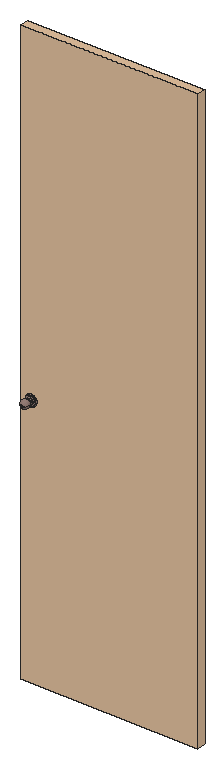
Revit family "Door-Hdwr_Knob", category Doors, host Face, Revit 2026
Family settings
  Host = Face
  Classification Number = 23.30.40.11.31
  Cut with Voids When Loaded = No
  Shared = Yes
  Room Calculation Point = No
Parameters
  stkloc = (Door Slab Thickness - 0' 1") / 2  # 0' - 0 7/16"
  Warranty Duration (Years) = 0
  Type Comments = ""
  Test Data = ""
  Specification = "http://www.arcat.com/divs/sec/sec08710.shtml"
  Sales Information = ""
  Product Properties = "http://www.arcat.com/bim/bim_info.pl?fn=Door-Hardware_Knob"
  Product Data = "http://www.arcat.com/divs/sec/sec08710.shtml"
  Model = "Generic"  # constant formula
  Manufacturer Website = "http://www.arcat.com/"
  Manufacturer Phone - Toll Free = ""
  Manufacturer Phone = "(203) 929-9444"  # constant formula
  Manufacturer Fax = "(203) 929-2444"  # constant formula
  Manufacturer Email = "bim@arcat.com"  # constant formula
  Manufacturer Address = "1077 Bridgeport Ave, Shelton, CT  06484"  # constant formula
  Manufacturer = "Generic"  # constant formula
  Maintenance Schedule (Months) = 0
  Lock Cylinder Type = "Conventional"
  Lock Cylinder Pin Count = 6
  Lock Cylinder Finish = ARCAT - Metal - Brass, Polished
  Latch Strike Type = "Curved Lip"
  Keynote = "08710"
  Installation-Fabrication = ""
  Green Building-LEED = ""
  Function = Interior
  Expected Lifespan (Years) = 0
  Drawn By = "Robert S. Weygant. CSI, CDT, SCIP"  # constant formula
  Door Slab Thickness = 0' - 1 7/8"
  Door Hardware UL Listed = yes
  Door Handle Material [instance] = ARCAT - Metal - Bronze, Oil Rubbed
  Description = "Door Knob"
  Default Elevation = 4' - 0"
  Copyright = "2008, ARCAT, Inc"  # constant formula
  Construction Details = "http://www.arcat.com/divs/sec/sec08710.shtml"
  Building Codes = ""
  Backset [instance] = 0' - 2 3/8"
  Assembly Code = "C1020410"
  ANSI Conformance = "A156.2"
Reference planes (in)
  plane 1 "Center (Front/Back)": y = 0
  plane 2: z = 0
  plane 3 "Center (Left/Right)": x = -17.80762
  plane 4: y = 1.875
  plane 5: x = -15.03297
  plane 6: x = -15.03297
  plane 7 "Strike Edge": x = -20.15186
Forms (in)
  Extrusion 1, solid, material "ARCAT - Wood - Cherry"
    sketch origin (-3, -9, -6) x (0, 0, -1) y (1, 0, 0)
      loop
        line (-82, 23.22536) -> (-82, -17.15186) -> (51.68814, -17.15186) -> (51.68814, 23.22536) -> (-82, 23.22536)
    from -9 to -10.875
  Sweep 2, solid, material "ARCAT - Metal - Bronze, Oil Rubbed" <- "Door Handle Material"
    path origin (-17.78297, 0, 0.05676) x (1, 0, 0) y (0, 0, 1)
      loop
        circle (0, 0) r 1.25
    profile origin (-17.78297, 0, 1.30676) x (0, 0, -1) y (0, -1, 0)
      loop
        line (0, 0) -> (0.90439, 0) -> (0.90439, 0.49245) -> (0.79559, 0.48537)
        arc (0.79559, 0.48537) -> (0.77696, 0.4735) -> (0.76128, 0.45792) r 0.10311
        arc (0.76128, 0.45792) -> (0.74662, 0.40528) -> (0.74766, 0.35064) r 0.18875
        arc (0.74766, 0.35064) -> (0.65861, 0.29251) -> (0.5706, 0.23283) r 6.07805
        line (0.5706, 0.23283) -> (0.12143, 0.18483)
        arc (0.12143, 0.18483) -> (0.07703, 0.17221) -> (0.03253, 0.1599) r 6.50329
        arc (0.03253, 0.1599) -> (0.014, 0.14864) -> (0, 0.13207) r 0.06733
        line (0, 0.13207) -> (0, 0)
  Extrusion 3, solid, material "ARCAT - Metal - Bronze, Oil Rubbed" <- "Door Handle Material"
    sketch origin (-17.78297, -0.48749, 0.05676) x (1, 0, 0) y (0, 0, 1)
      loop
        circle (0, 0) r 0.34561
    from -0.48749 to 0.5
  Sweep 4, solid, material "ARCAT - Metal - Bronze, Oil Rubbed" <- "Door Handle Material"
    path origin (-17.78297, 0, 0.05676) x (1, 0, 0) y (0, 0, 1)
      loop
        circle (0, 0) r 0.87681
    profile origin (-17.78297, 0, 0.93357) x (0, 0, -1) y (0, -1, 0)
      loop
        line (0.5312, 0.98749) -> (0.86119, 0.98749) -> (0.86119, 2.45194) -> (0.65115, 2.45194) -> (0.62405, 2.60562)
        arc (0.62405, 2.60562) -> (0.61016, 2.61563) -> (0.5934, 2.61917) r 0.04143
        arc (0.5934, 2.61917) -> (-0.00004, 1.82477) -> (0.5312, 0.98749) r 0.87361
  Extrusion 5, solid, material "ARCAT - Metal - Brass, Polished" <- "Lock Cylinder Finish"
    sketch origin (-4, -2.45194, -1.25282) x (1, 0, 0) y (0, 0, 1)
      loop
        circle (-13.78331, 1.30976) r 0.18691
    from 0 to 0.16724
  Extrusion 6, void
    sketch origin (-4, 9.83979, -1.25282) x (1, 0, 0) y (0, 0, 1)
      loop
        line (-13.80762, 1.45031) -> (-13.80762, 1.1726) -> (-13.77686, 1.1726) -> (-13.77686, 1.31168) -> (-13.75472, 1.35003) -> (-13.75472, 1.45031) -> (-13.80762, 1.45031)
    from 12.29173 to 12.45897
  Sweep 7, solid, material "ARCAT - Metal - Bronze, Oil Rubbed" <- "Door Handle Material", not visible
    path origin (-13.78297, -9.83979, 1.30959) x (1, 0, 0) y (0, 0, 1)
      loop
        circle (0, 0) r 1.25
    profile origin (-13.78297, -9.83979, 2.55959) x (0, 0, -1) y (0, -1, 0)
      loop
        line (0, 0) -> (0.90439, 0) -> (0.90439, 0.49245) -> (0.79559, 0.48537)
        arc (0.79559, 0.48537) -> (0.77696, 0.4735) -> (0.76128, 0.45792) r 0.10311
        arc (0.76128, 0.45792) -> (0.74662, 0.40528) -> (0.74766, 0.35064) r 0.18875
        arc (0.74766, 0.35064) -> (0.65861, 0.29251) -> (0.5706, 0.23283) r 6.07805
        line (0.5706, 0.23283) -> (0.12143, 0.18483)
        arc (0.12143, 0.18483) -> (0.07703, 0.17221) -> (0.03253, 0.1599) r 6.50329
        arc (0.03253, 0.1599) -> (0.014, 0.14864) -> (0, 0.13207) r 0.06733
        line (0, 0.13207) -> (0, 0)
  Extrusion 8, solid, material "ARCAT - Metal - Bronze, Oil Rubbed" <- "Door Handle Material", not visible
    sketch origin (-13.78297, -10.32728, 1.30959) x (1, 0, 0) y (0, 0, 1)
      loop
        circle (0, 0) r 0.34561
    from -0.48749 to 0.5
  Sweep 9, solid, material "ARCAT - Metal - Bronze, Oil Rubbed" <- "Door Handle Material", not visible
    path origin (-13.78297, -9.83979, 1.30959) x (1, 0, 0) y (0, 0, 1)
      loop
        circle (0, 0) r 0.87681
    profile origin (-13.78297, -9.83979, 2.1864) x (0, 0, -1) y (0, -1, 0)
      loop
        line (0.5312, 0.98749) -> (0.86119, 0.98749) -> (0.86119, 2.45194) -> (0.65115, 2.45194) -> (0.62405, 2.60562)
        arc (0.62405, 2.60562) -> (0.61016, 2.61563) -> (0.5934, 2.61917) r 0.04143
        arc (0.5934, 2.61917) -> (-0.00004, 1.82477) -> (0.5312, 0.98749) r 0.87361
  Extrusion 10, solid, material "ARCAT - Metal - Brass, Polished" <- "Lock Cylinder Finish", not visible
    sketch origin (0, -12.29173, 0) x (1, 0, 0) y (0, 0, 1)
      loop
        circle (-13.78331, 1.30976) r 0.18691
    from 0 to 0.16724
  Extrusion 11, void, not visible
    sketch origin (0, 0, 0) x (1, 0, 0) y (0, 0, 1)
      loop
        line (-13.80762, 1.45031) -> (-13.80762, 1.1726) -> (-13.77686, 1.1726) -> (-13.77686, 1.31168) -> (-13.75472, 1.35003) -> (-13.75472, 1.45031) -> (-13.80762, 1.45031)
    from 12.29173 to 12.45897
  Sweep 12, solid, material "ARCAT - Metal - Bronze, Oil Rubbed" <- "Door Handle Material", not visible
    path origin (-13.78297, 0, 1.30959) x (1, 0, 0) y (0, 0, 1)
      loop
        circle (0, 0) r 1.25
    profile origin (-13.78297, 0, 2.55959) x (0, 0, -1) y (0, -1, 0)
      loop
        line (0, 0) -> (0.90439, 0) -> (0.90439, 0.49245) -> (0.79559, 0.48537)
        arc (0.79559, 0.48537) -> (0.77696, 0.4735) -> (0.76128, 0.45792) r 0.10311
        arc (0.76128, 0.45792) -> (0.74662, 0.40528) -> (0.74766, 0.35064) r 0.18875
        arc (0.74766, 0.35064) -> (0.65861, 0.29251) -> (0.5706, 0.23283) r 6.07805
        line (0.5706, 0.23283) -> (0.12143, 0.18483)
        arc (0.12143, 0.18483) -> (0.07703, 0.17221) -> (0.03253, 0.1599) r 6.50329
        arc (0.03253, 0.1599) -> (0.014, 0.14864) -> (0, 0.13207) r 0.06733
        line (0, 0.13207) -> (0, 0)
  Extrusion 13, solid, material "ARCAT - Metal - Bronze, Oil Rubbed" <- "Door Handle Material", not visible
    sketch origin (-13.78297, -0.48749, 1.30959) x (1, 0, 0) y (0, 0, 1)
      loop
        circle (0, 0) r 0.34561
    from -0.48749 to 0.5
  Sweep 14, solid, material "ARCAT - Metal - Bronze, Oil Rubbed" <- "Door Handle Material", not visible
    path origin (-13.78297, 0, 1.30959) x (1, 0, 0) y (0, 0, 1)
      loop
        circle (0, 0) r 0.87681
    profile origin (-13.78297, 0, 2.1864) x (0, 0, -1) y (0, -1, 0)
      loop
        line (0.5312, 0.98749) -> (0.86119, 0.98749) -> (0.86119, 2.45194) -> (0.65115, 2.45194) -> (0.62405, 2.60562)
        arc (0.62405, 2.60562) -> (0.61016, 2.61563) -> (0.5934, 2.61917) r 0.04143
        arc (0.5934, 2.61917) -> (-0.00004, 1.82477) -> (0.5312, 0.98749) r 0.87361
  Extrusion 15, solid, material "ARCAT - Metal - Brass, Polished" <- "Lock Cylinder Finish", not visible
    sketch origin (0, -2.45194, 0) x (1, 0, 0) y (0, 0, 1)
      loop
        circle (-13.78331, 1.30976) r 0.18691
    from 0 to 0.16724
  Extrusion 16, void, not visible
    sketch origin (0, 9.83979, 0) x (1, 0, 0) y (0, 0, 1)
      loop
        line (-13.80762, 1.45031) -> (-13.80762, 1.1726) -> (-13.77686, 1.1726) -> (-13.77686, 1.31168) -> (-13.75472, 1.35003) -> (-13.75472, 1.45031) -> (-13.80762, 1.45031)
    from 12.29173 to 12.45897
  Extrusion 17, void, not visible
    sketch origin (0, -3.83979, 0) x (1, 0, 0) y (0, 0, -1)
      loop
        line (-13.80762, -1.45031) -> (-13.75472, -1.45031) -> (-13.75472, -1.35003) -> (-13.77686, -1.31168) -> (-13.77686, -1.1726) -> (-13.80762, -1.1726) -> (-13.80762, -1.45031)
    from 12.29173 to 12.44541
  Sweep 18, solid, material "ARCAT - Metal - Bronze, Oil Rubbed" <- "Door Handle Material", not visible
    path origin (-13.78297, 6, 1.30959) x (1, 0, 0) y (0, 0, -1)
      loop
        circle (0, 0) r 1.25
    profile origin (-13.78297, 6, 2.55959) x (0, 0, 1) y (0, 1, 0)
      loop
        line (0, 0) -> (0, 0.13207)
        arc (0, 0.13207) -> (-0.014, 0.14864) -> (-0.03253, 0.1599) r 0.06733
        arc (-0.03253, 0.1599) -> (-0.07703, 0.17221) -> (-0.12143, 0.18483) r 6.50329
        line (-0.12143, 0.18483) -> (-0.5706, 0.23283)
        arc (-0.5706, 0.23283) -> (-0.65861, 0.29251) -> (-0.74766, 0.35064) r 6.07805
        arc (-0.74766, 0.35064) -> (-0.74662, 0.40528) -> (-0.76128, 0.45792) r 0.18875
        arc (-0.76128, 0.45792) -> (-0.77696, 0.4735) -> (-0.79559, 0.48537) r 0.10311
        line (-0.79559, 0.48537) -> (-0.90439, 0.49245) -> (-0.90439, 0) -> (0, 0)
  Extrusion 19, solid, material "ARCAT - Metal - Bronze, Oil Rubbed" <- "Door Handle Material", not visible
    sketch origin (-13.78297, 6.48749, 1.30959) x (1, 0, 0) y (0, 0, -1)
      loop
        circle (0, 0) r 0.34561
    from -0.48749 to 0.5
  Sweep 20, solid, material "ARCAT - Metal - Bronze, Oil Rubbed" <- "Door Handle Material", not visible
    path origin (-13.78297, 6, 1.30959) x (1, 0, 0) y (0, 0, -1)
      loop
        circle (0, 0) r 0.87681
    profile origin (-13.78297, 6, 2.1864) x (0, 0, 1) y (0, 1, 0)
      loop
        arc (-0.5312, 0.98749) -> (0.00004, 1.82477) -> (-0.5934, 2.61917) r 0.87361
        arc (-0.5934, 2.61917) -> (-0.61016, 2.61563) -> (-0.62405, 2.60562) r 0.04143
        line (-0.62405, 2.60562) -> (-0.65115, 2.45194) -> (-0.86119, 2.45194) -> (-0.86119, 0.98749) -> (-0.5312, 0.98749)
  Extrusion 21, solid, material "ARCAT - Metal - Brass, Polished" <- "Lock Cylinder Finish", not visible
    sketch origin (0, 8.45194, 0) x (1, 0, 0) y (0, 0, -1)
      loop
        circle (-13.78331, -1.30976) r 0.18691
    from 0 to 0.15368
  Sweep 22, solid, material "ARCAT - Metal - Bronze, Oil Rubbed" <- "Door Handle Material", not visible
    path origin (-13.78297, -3, 1.30959) x (1, 0, 0) y (0, 0, 1)
      loop
        circle (0, 0) r 1.25
    profile origin (-13.78297, -3, 2.55959) x (0, 0, -1) y (0, -1, 0)
      loop
        line (0, 0) -> (0.90439, 0) -> (0.90439, 0.49245) -> (0.79559, 0.48537)
        arc (0.79559, 0.48537) -> (0.77696, 0.4735) -> (0.76128, 0.45792) r 0.10311
        arc (0.76128, 0.45792) -> (0.74662, 0.40528) -> (0.74766, 0.35064) r 0.18875
        arc (0.74766, 0.35064) -> (0.65861, 0.29251) -> (0.5706, 0.23283) r 6.07805
        line (0.5706, 0.23283) -> (0.12143, 0.18483)
        arc (0.12143, 0.18483) -> (0.07703, 0.17221) -> (0.03253, 0.1599) r 6.50329
        arc (0.03253, 0.1599) -> (0.014, 0.14864) -> (0, 0.13207) r 0.06733
        line (0, 0.13207) -> (0, 0)
  Extrusion 23, solid, material "ARCAT - Metal - Bronze, Oil Rubbed" <- "Door Handle Material", not visible
    sketch origin (-13.78297, -3.48749, 1.30959) x (1, 0, 0) y (0, 0, 1)
      loop
        circle (0, 0) r 0.34561
    from -0.48749 to 0.5
  Sweep 24, solid, material "ARCAT - Metal - Bronze, Oil Rubbed" <- "Door Handle Material", not visible
    path origin (-13.78297, -3, 1.30959) x (1, 0, 0) y (0, 0, 1)
      loop
        circle (0, 0) r 0.87681
    profile origin (-13.78297, -3, 2.1864) x (0, 0, -1) y (0, -1, 0)
      loop
        line (0.5312, 0.98749) -> (0.86119, 0.98749) -> (0.86119, 2.45194) -> (0.65115, 2.45194) -> (0.62405, 2.60562)
        arc (0.62405, 2.60562) -> (0.61016, 2.61563) -> (0.5934, 2.61917) r 0.04143
        arc (0.5934, 2.61917) -> (-0.00004, 1.82477) -> (0.5312, 0.98749) r 0.87361
  Extrusion 25, solid, material "ARCAT - Metal - Brass, Polished" <- "Lock Cylinder Finish", not visible
    sketch origin (0, -5.45194, 0) x (1, 0, 0) y (0, 0, 1)
      loop
        circle (-13.78331, 1.30976) r 0.18691
    from 0 to 0.16724
  Extrusion 26, void, not visible
    sketch origin (0, 6.83979, 0) x (1, 0, 0) y (0, 0, 1)
      loop
        line (-13.80762, 1.45031) -> (-13.80762, 1.1726) -> (-13.77686, 1.1726) -> (-13.77686, 1.31168) -> (-13.75472, 1.35003) -> (-13.75472, 1.45031) -> (-13.80762, 1.45031)
    from 12.29173 to 12.45897
  Extrusion 27, void, not visible
    sketch origin (0, -6.83979, 0) x (1, 0, 0) y (0, 0, -1)
      loop
        line (-13.80762, -1.45031) -> (-13.75472, -1.45031) -> (-13.75472, -1.35003) -> (-13.77686, -1.31168) -> (-13.77686, -1.1726) -> (-13.80762, -1.1726) -> (-13.80762, -1.45031)
    from 12.29173 to 12.44541
  Sweep 28, solid, material "ARCAT - Metal - Bronze, Oil Rubbed" <- "Door Handle Material"
    path origin (-17.78297, 1.875, 0.05676) x (1, 0, 0) y (0, 0, -1)
      loop
        circle (0, 0) r 1.25
    profile origin (-17.78297, 1.875, -1.19324) x (0, 0, 1) y (0, 1, 0)
      loop
        line (0, 0) -> (0.90439, 0) -> (0.90439, 0.49245) -> (0.79559, 0.48537)
        arc (0.79559, 0.48537) -> (0.77696, 0.4735) -> (0.76128, 0.45792) r 0.10311
        arc (0.76128, 0.45792) -> (0.74662, 0.40528) -> (0.74766, 0.35064) r 0.18875
        arc (0.74766, 0.35064) -> (0.65861, 0.29251) -> (0.5706, 0.23283) r 6.07805
        line (0.5706, 0.23283) -> (0.12143, 0.18483)
        arc (0.12143, 0.18483) -> (0.07703, 0.17221) -> (0.03253, 0.1599) r 6.50329
        arc (0.03253, 0.1599) -> (0.014, 0.14864) -> (0, 0.13207) r 0.06733
        line (0, 0.13207) -> (0, 0)
  Extrusion 29, solid, material "ARCAT - Metal - Bronze, Oil Rubbed" <- "Door Handle Material"
    sketch origin (-17.78297, 2.36249, 0.05676) x (1, 0, 0) y (0, 0, -1)
      loop
        circle (0, 0) r 0.34561
    from -0.48749 to 0.5
  Sweep 30, solid, material "ARCAT - Metal - Bronze, Oil Rubbed" <- "Door Handle Material"
    path origin (-17.78297, 1.875, 0.05676) x (1, 0, 0) y (0, 0, -1)
      loop
        circle (0, 0) r 0.87681
    profile origin (-17.78297, 1.875, -0.82005) x (0, 0, 1) y (0, 1, 0)
      loop
        line (0.5312, 0.98749) -> (0.86119, 0.98749) -> (0.86119, 2.45194) -> (0.65115, 2.45194) -> (0.62405, 2.60562)
        arc (0.62405, 2.60562) -> (0.61016, 2.61563) -> (0.5934, 2.61917) r 0.04143
        arc (0.5934, 2.61917) -> (-0.00004, 1.82477) -> (0.5312, 0.98749) r 0.87361
  Extrusion 31, solid, material "ARCAT - Metal - Bronze, Oil Rubbed" <- "Door Handle Material"
    sketch origin (-4, 4.32694, 1.36635) x (1, 0, 0) y (0, 0, -1)
      loop
        circle (-13.78331, 1.30976) r 0.18691
    from 0 to 0.16724
  Sweep 32, solid, material "ARCAT - Metal - Bronze, Oil Rubbed" <- "Door Handle Material", not visible
    path origin (-13.78297, 0, 0) x (1, 0, 0) y (0, 0, 1)
      loop
        circle (0, 0) r 1.25
    profile origin (-13.78297, 0, 1.25) x (0, 0, -1) y (0, -1, 0)
      loop
        line (0, 0) -> (0.90439, 0) -> (0.90439, 0.49245) -> (0.79559, 0.48537)
        arc (0.79559, 0.48537) -> (0.77696, 0.4735) -> (0.76128, 0.45792) r 0.10311
        arc (0.76128, 0.45792) -> (0.74662, 0.40528) -> (0.74766, 0.35064) r 0.18875
        arc (0.74766, 0.35064) -> (0.65861, 0.29251) -> (0.5706, 0.23283) r 6.07805
        line (0.5706, 0.23283) -> (0.12143, 0.18483)
        arc (0.12143, 0.18483) -> (0.07703, 0.17221) -> (0.03253, 0.1599) r 6.50329
        arc (0.03253, 0.1599) -> (0.014, 0.14864) -> (0, 0.13207) r 0.06733
        line (0, 0.13207) -> (0, 0)
  Extrusion 33, solid, material "ARCAT - Metal - Bronze, Oil Rubbed" <- "Door Handle Material", not visible
    sketch origin (-13.78297, -0.48749, 0) x (1, 0, 0) y (0, 0, 1)
      loop
        circle (0, 0) r 0.34561
    from -0.48749 to 0.5
  Sweep 34, solid, material "ARCAT - Metal - Bronze, Oil Rubbed" <- "Door Handle Material", not visible
    path origin (-13.78297, 0, 0) x (1, 0, 0) y (0, 0, 1)
      loop
        circle (0, 0) r 0.87681
    profile origin (-13.78297, 0, 0.87681) x (0, 0, -1) y (0, -1, 0)
      loop
        line (0.5312, 0.98749) -> (0.86119, 0.98749) -> (0.86119, 2.45194) -> (0.65115, 2.45194) -> (0.62405, 2.60562)
        arc (0.62405, 2.60562) -> (0.61016, 2.61563) -> (0.5934, 2.61917) r 0.04143
        arc (0.5934, 2.61917) -> (-0.00004, 1.82477) -> (0.5312, 0.98749) r 0.87361
  Extrusion 35, solid, material "ARCAT - Metal - Brass, Polished" <- "Lock Cylinder Finish", not visible
    sketch origin (0, -2.45194, -1.30959) x (1, 0, 0) y (0, 0, 1)
      loop
        circle (-13.78331, 1.30976) r 0.18691
    from 0 to 0.16724
  Extrusion 36, void, not visible
    sketch origin (0, 9.83979, -1.30959) x (1, 0, 0) y (0, 0, 1)
      loop
        line (-13.80762, 1.45031) -> (-13.80762, 1.1726) -> (-13.77686, 1.1726) -> (-13.77686, 1.31168) -> (-13.75472, 1.35003) -> (-13.75472, 1.45031) -> (-13.80762, 1.45031)
    from 12.29173 to 12.45897
  Sweep 37, solid, material "ARCAT - Metal - Bronze, Oil Rubbed" <- "Door Handle Material", not visible
    path origin (-13.78297, 17.50927, 9.96195) x (1, 0, 0) y (0, 0, -1)
      loop
        circle (0, 0) r 1.25
    profile origin (-13.78297, 17.50927, 8.71195) x (0, 0, 1) y (0, 1, 0)
      loop
        line (0, 0) -> (0.90439, 0) -> (0.90439, 0.49245) -> (0.79559, 0.48537)
        arc (0.79559, 0.48537) -> (0.77696, 0.4735) -> (0.76128, 0.45792) r 0.10311
        arc (0.76128, 0.45792) -> (0.74662, 0.40528) -> (0.74766, 0.35064) r 0.18875
        arc (0.74766, 0.35064) -> (0.65861, 0.29251) -> (0.5706, 0.23283) r 6.07805
        line (0.5706, 0.23283) -> (0.12143, 0.18483)
        arc (0.12143, 0.18483) -> (0.07703, 0.17221) -> (0.03253, 0.1599) r 6.50329
        arc (0.03253, 0.1599) -> (0.014, 0.14864) -> (0, 0.13207) r 0.06733
        line (0, 0.13207) -> (0, 0)
  Extrusion 38, solid, material "ARCAT - Metal - Bronze, Oil Rubbed" <- "Door Handle Material", not visible
    sketch origin (-13.78297, 17.99676, 9.96195) x (1, 0, 0) y (0, 0, -1)
      loop
        circle (0, 0) r 0.34561
    from -0.48749 to 0.5
  Sweep 39, solid, material "ARCAT - Metal - Bronze, Oil Rubbed" <- "Door Handle Material", not visible
    path origin (-13.78297, 17.50927, 9.96195) x (1, 0, 0) y (0, 0, -1)
      loop
        circle (0, 0) r 0.87681
    profile origin (-13.78297, 17.50927, 9.08514) x (0, 0, 1) y (0, 1, 0)
      loop
        line (0.5312, 0.98749) -> (0.86119, 0.98749) -> (0.86119, 2.45194) -> (0.65115, 2.45194) -> (0.62405, 2.60562)
        arc (0.62405, 2.60562) -> (0.61016, 2.61563) -> (0.5934, 2.61917) r 0.04143
        arc (0.5934, 2.61917) -> (-0.00004, 1.82477) -> (0.5312, 0.98749) r 0.87361
  Extrusion 40, solid, material "ARCAT - Metal - Bronze, Oil Rubbed" <- "Door Handle Material", not visible
    sketch origin (0, 19.96121, 11.27153) x (1, 0, 0) y (0, 0, -1)
      loop
        circle (-13.78331, 1.30976) r 0.18691
    from 0 to 0.16724
  Sweep 41, solid, material "ARCAT - Metal - Bronze, Oil Rubbed" <- "Door Handle Material", not visible
    path origin (-13.78297, 0, 0.05676) x (1, 0, 0) y (0, 0, 1)
      loop
        circle (0, 0) r 1.25
    profile origin (-13.78297, 0, 1.30676) x (0, 0, -1) y (0, -1, 0)
      loop
        line (0, 0) -> (0.90439, 0) -> (0.90439, 0.49245) -> (0.79559, 0.48537)
        arc (0.79559, 0.48537) -> (0.77696, 0.4735) -> (0.76128, 0.45792) r 0.10311
        arc (0.76128, 0.45792) -> (0.74662, 0.40528) -> (0.74766, 0.35064) r 0.18875
        arc (0.74766, 0.35064) -> (0.65861, 0.29251) -> (0.5706, 0.23283) r 6.07805
        line (0.5706, 0.23283) -> (0.12143, 0.18483)
        arc (0.12143, 0.18483) -> (0.07703, 0.17221) -> (0.03253, 0.1599) r 6.50329
        arc (0.03253, 0.1599) -> (0.014, 0.14864) -> (0, 0.13207) r 0.06733
        line (0, 0.13207) -> (0, 0)
  Extrusion 42, solid, material "ARCAT - Metal - Bronze, Oil Rubbed" <- "Door Handle Material", not visible
    sketch origin (-13.78297, -0.48749, 0.05676) x (1, 0, 0) y (0, 0, 1)
      loop
        circle (0, 0) r 0.34561
    from -0.48749 to 0.5
  Sweep 43, solid, material "ARCAT - Metal - Bronze, Oil Rubbed" <- "Door Handle Material", not visible
    path origin (-13.78297, 0, 0.05676) x (1, 0, 0) y (0, 0, 1)
      loop
        circle (0, 0) r 0.87681
    profile origin (-13.78297, 0, 0.93357) x (0, 0, -1) y (0, -1, 0)
      loop
        line (0.5312, 0.98749) -> (0.86119, 0.98749) -> (0.86119, 2.45194) -> (0.65115, 2.45194) -> (0.62405, 2.60562)
        arc (0.62405, 2.60562) -> (0.61016, 2.61563) -> (0.5934, 2.61917) r 0.04143
        arc (0.5934, 2.61917) -> (-0.00004, 1.82477) -> (0.5312, 0.98749) r 0.87361
  Extrusion 44, solid, material "ARCAT - Metal - Brass, Polished" <- "Lock Cylinder Finish", not visible
    sketch origin (0, -2.45194, -1.25282) x (1, 0, 0) y (0, 0, 1)
      loop
        circle (-13.78331, 1.30976) r 0.18691
    from 0 to 0.16724
  Extrusion 45, void, not visible
    sketch origin (0, 9.83979, -1.25282) x (1, 0, 0) y (0, 0, 1)
      loop
        line (-13.80762, 1.45031) -> (-13.80762, 1.1726) -> (-13.77686, 1.1726) -> (-13.77686, 1.31168) -> (-13.75472, 1.35003) -> (-13.75472, 1.45031) -> (-13.80762, 1.45031)
    from 12.29173 to 12.45897
  Sweep 46, solid, material "ARCAT - Metal - Bronze, Oil Rubbed" <- "Door Handle Material", not visible
    path origin (-13.78297, 3, 0) x (1, 0, 0) y (0, 0, -1)
      loop
        circle (0, 0) r 1.25
    profile origin (-13.78297, 3, -1.25) x (0, 0, 1) y (0, 1, 0)
      loop
        line (0, 0) -> (0.90439, 0) -> (0.90439, 0.49245) -> (0.79559, 0.48537)
        arc (0.79559, 0.48537) -> (0.77696, 0.4735) -> (0.76128, 0.45792) r 0.10311
        arc (0.76128, 0.45792) -> (0.74662, 0.40528) -> (0.74766, 0.35064) r 0.18875
        arc (0.74766, 0.35064) -> (0.65861, 0.29251) -> (0.5706, 0.23283) r 6.07805
        line (0.5706, 0.23283) -> (0.12143, 0.18483)
        arc (0.12143, 0.18483) -> (0.07703, 0.17221) -> (0.03253, 0.1599) r 6.50329
        arc (0.03253, 0.1599) -> (0.014, 0.14864) -> (0, 0.13207) r 0.06733
        line (0, 0.13207) -> (0, 0)
  Extrusion 47, solid, material "ARCAT - Metal - Bronze, Oil Rubbed" <- "Door Handle Material", not visible
    sketch origin (-13.78297, 3.48749, 0) x (1, 0, 0) y (0, 0, -1)
      loop
        circle (0, 0) r 0.34561
    from -0.48749 to 0.5
  Sweep 48, solid, material "ARCAT - Metal - Bronze, Oil Rubbed" <- "Door Handle Material", not visible
    path origin (-13.78297, 3, 0) x (1, 0, 0) y (0, 0, -1)
      loop
        circle (0, 0) r 0.87681
    profile origin (-13.78297, 3, -0.87681) x (0, 0, 1) y (0, 1, 0)
      loop
        line (0.5312, 0.98749) -> (0.86119, 0.98749) -> (0.86119, 2.45194) -> (0.65115, 2.45194) -> (0.62405, 2.60562)
        arc (0.62405, 2.60562) -> (0.61016, 2.61563) -> (0.5934, 2.61917) r 0.04143
        arc (0.5934, 2.61917) -> (-0.00004, 1.82477) -> (0.5312, 0.98749) r 0.87361
  Extrusion 49, solid, material "ARCAT - Metal - Bronze, Oil Rubbed" <- "Door Handle Material", not visible
    sketch origin (0, 5.45194, 1.30959) x (1, 0, 0) y (0, 0, -1)
      loop
        circle (-13.78331, 1.30976) r 0.18691
    from 0 to 0.16724
  Extrusion 50, solid, material "ARCAT - Metal - Brass, Polished"
    sketch origin (0, 0.25322, -0.375) x (1, 0, 0) y (0, 1, 0)
      loop
        line (-19.4665, 0.46397) -> (-19.4665, 0.90458) -> (-20.58974, 0.90458)
        arc (-20.58974, 0.90458) -> (-20.6645, 0.69062) -> (-20.66516, 0.46397) r 0.6832
        line (-20.66516, 0.46397) -> (-19.4665, 0.46397)
    from 0 to 0.75
  Extrusion 51, solid, material "ARCAT - Metal - Bronze, Oil Rubbed" <- "Door Handle Material"
    sketch origin (-20.21436, 0.25322, 0) x (0, 1, 0) y (0, 0, 1)
      loop
        line (1.18428, 1) -> (0.18428, 1) -> (0.18428, -1) -> (1.18428, -1) -> (1.18428, 1)
    from 0 to 0.0625
  Extrusion 52, solid, material "ARCAT - Metal - Brass, Polished", not visible
    sketch origin (0, 0, -0.375) x (1, 0, 0) y (0, 1, 0)
      loop
        line (-19.4665, 0.46397) -> (-19.4665, 0.90458) -> (-20.58974, 0.90458)
        arc (-20.58974, 0.90458) -> (-20.6645, 0.69062) -> (-20.66516, 0.46397) r 0.6832
        line (-20.66516, 0.46397) -> (-19.4665, 0.46397)
    from 0 to 0.75
  Extrusion 53, solid, material "ARCAT - Metal - Bronze, Oil Rubbed" <- "Door Handle Material", not visible
    sketch origin (-20.21436, 0, 0) x (0, 1, 0) y (0, 0, 1)
      loop
        line (1.18428, 1) -> (0.18428, 1) -> (0.18428, -1) -> (1.18428, -1) -> (1.18428, 1)
    from 0 to 0.0625
Cuts and joins
  Extrusion 6 cuts Extrusion 5
Dimensions and locks (in)
  "Door Slab Thickness": plane 4 to plane 1 "Center (Front/Back)"
  "Backset": plane 7 "Strike Edge" to cut or joined group of Extrusion 5, Extrusion 6
  locked: Extrusion 50 to plane 7 "Strike Edge" at 0.5133
  locked: Extrusion 51 sketch curve to Extrusion 51 sketch curve at 1
  locked: Extrusion 53 sketch curve to Extrusion 53 sketch curve at 1
  "stkloc": Extrusion 51 to plane 1 "Center (Front/Back)"
  aligned and locked: Extrusion 1 to plane 1 "Center (Front/Back)"
  aligned and locked: Extrusion 5 to Sweep 4  (x2)
  aligned and locked: Extrusion 3 to Sweep 2
  aligned and locked: Extrusion 5 to Extrusion 6
  aligned and locked: Extrusion 6 to Sweep 4
  aligned and locked: Sweep 30 to Extrusion 31  (x2)
  aligned and locked: Sweep 28 to Extrusion 29
  aligned and locked: plane 4 to Sweep 28
  aligned and locked: plane 1 "Center (Front/Back)" to Sweep 2
  aligned: plane 4 to Extrusion 1
Automatic sketch dimensions
  Sweep 7 sketch curve to profile plane = 0' - 0"  (x2)
  profile plane to Sweep 7 sketch curve = 0' - 1.67907"
  Sweep 7 sketch curve to profile plane = 0' - 0.03253"
  Sweep 7 sketch curve to profile plane = 0' - 0.05777"
  Sweep 7 sketch curve to Sweep 7 sketch curve = 0' - 0.0889"
  Sweep 7 sketch curve to Sweep 7 sketch curve = 0' - 0.44917"
  Sweep 7 sketch curve to Sweep 7 sketch curve = 0' - 0.17706"
  Sweep 7 sketch curve to Sweep 7 sketch curve = 0' - 0.01362"
  profile plane to Sweep 7 sketch curve = 0' - 0.48537"
  Sweep 7 sketch curve to Sweep 7 sketch curve = 0' - 0.03431"
  Sweep 7 sketch curve to Sweep 7 sketch curve = 0' - 0.09371"
  Sweep 7 sketch curve to Sweep 7 sketch curve = 0' - 0.15673"
  Sweep 7 sketch curve to Sweep 7 sketch curve = 0' - 0.0925"
  Sweep 7 sketch curve to profile plane = 0' - 4.02559"
  Sweep 7 sketch curve to profile plane = 0' - 4.76774"
  profile plane to Sweep 7 sketch curve = 0' - 0.09748"
  Sweep 7 sketch curve to Sweep 7 sketch curve = 0' - 0.0346"
  Sweep 7 sketch curve to Sweep 7 sketch curve = 0' - 0.02493"
  profile plane to Sweep 7 sketch curve = 0' - 0.23283"
  Sweep 7 sketch curve to Sweep 7 sketch curve = 0' - 0.10386"
  Sweep 7 sketch curve to Sweep 7 sketch curve = 0' - 0.00707"
  Sweep 9 sketch curve to profile plane = 0' - 0.5312"
  Sweep 9 sketch curve to profile plane = 0' - 0.5934"
  Sweep 9 sketch curve to Sweep 9 sketch curve = 0' - 0.03065"
  Sweep 9 sketch curve to Sweep 9 sketch curve = 0' - 0.05775"
  Sweep 9 sketch curve to Sweep 9 sketch curve = 0' - 0.32998"
  Sweep 9 sketch curve to Sweep 9 sketch curve = 0' - 0.01175"
  profile plane to Sweep 9 sketch curve = 0' - 0.98749"
  Sweep 9 sketch curve to Sweep 9 sketch curve = 0' - 0.804"
  Sweep 9 sketch curve to Sweep 9 sketch curve = 0' - 0.16724"
  Sweep 9 sketch curve to Sweep 9 sketch curve = 0' - 0.04143"
  Extrusion 11 sketch curve to Extrusion 11 sketch curve = 0' - 0.03076"
  Extrusion 11 sketch curve to Extrusion 11 sketch curve = 0' - 0.0529"
  Extrusion 11 sketch curve to Extrusion 11 sketch curve = 0' - 0.13908"
  Extrusion 11 sketch curve to Extrusion 11 sketch curve = 0' - 0.03834"
  Extrusion 11 sketch curve to Extrusion 11 sketch curve = 0' - 0.10028"
  Sweep 12 sketch curve to profile plane = 0' - 0"  (x2)
  profile plane to Sweep 12 sketch curve = 0' - 1.67907"
  Sweep 12 sketch curve to profile plane = 0' - 0.03253"
  Sweep 12 sketch curve to profile plane = 0' - 0.05777"
  Sweep 12 sketch curve to Sweep 12 sketch curve = 0' - 0.0889"
  Sweep 12 sketch curve to Sweep 12 sketch curve = 0' - 0.44917"
  Sweep 12 sketch curve to Sweep 12 sketch curve = 0' - 0.17706"
  Sweep 12 sketch curve to Sweep 12 sketch curve = 0' - 0.01362"
  profile plane to Sweep 12 sketch curve = 0' - 0.48537"
  Sweep 12 sketch curve to Sweep 12 sketch curve = 0' - 0.03431"
  Sweep 12 sketch curve to Sweep 12 sketch curve = 0' - 0.09371"
  Sweep 12 sketch curve to Sweep 12 sketch curve = 0' - 0.15673"
  Sweep 12 sketch curve to Sweep 12 sketch curve = 0' - 0.0925"
  Sweep 12 sketch curve to profile plane = 0' - 4.02559"
  Sweep 12 sketch curve to profile plane = 0' - 4.76774"
  profile plane to Sweep 12 sketch curve = 0' - 0.09748"
  Sweep 12 sketch curve to Sweep 12 sketch curve = 0' - 0.0346"
  Sweep 12 sketch curve to Sweep 12 sketch curve = 0' - 0.02493"
  profile plane to Sweep 12 sketch curve = 0' - 0.23283"
  Sweep 12 sketch curve to Sweep 12 sketch curve = 0' - 0.10386"
  Sweep 12 sketch curve to Sweep 12 sketch curve = 0' - 0.00707"
  Sweep 14 sketch curve to profile plane = 0' - 0.5312"
  Sweep 14 sketch curve to profile plane = 0' - 0.5934"
  Sweep 14 sketch curve to Sweep 14 sketch curve = 0' - 0.03065"
  Sweep 14 sketch curve to Sweep 14 sketch curve = 0' - 0.05775"
  Sweep 14 sketch curve to Sweep 14 sketch curve = 0' - 0.32998"
  Sweep 14 sketch curve to Sweep 14 sketch curve = 0' - 0.01175"
  profile plane to Sweep 14 sketch curve = 0' - 0.98749"
  Sweep 14 sketch curve to Sweep 14 sketch curve = 0' - 0.804"
  Sweep 14 sketch curve to Sweep 14 sketch curve = 0' - 0.16724"
  Sweep 14 sketch curve to Sweep 14 sketch curve = 0' - 0.04143"
  Extrusion 16 sketch curve to Extrusion 16 sketch curve = 0' - 0.03076"
  Extrusion 16 sketch curve to Extrusion 16 sketch curve = 0' - 0.0529"
  Extrusion 16 sketch curve to Extrusion 16 sketch curve = 0' - 0.13908"
  Extrusion 16 sketch curve to Extrusion 16 sketch curve = 0' - 0.03834"
  Extrusion 16 sketch curve to Extrusion 16 sketch curve = 0' - 0.10028"
  Extrusion 17 sketch curve to Extrusion 17 sketch curve = 0' - 0.03076"
  Extrusion 17 sketch curve to Extrusion 17 sketch curve = 0' - 0.0529"
  Extrusion 17 sketch curve to Extrusion 17 sketch curve = 0' - 0.10028"
  Extrusion 17 sketch curve to Extrusion 17 sketch curve = 0' - 0.03834"
  Extrusion 17 sketch curve to Extrusion 17 sketch curve = 0' - 0.13908"
  Sweep 18 sketch curve to profile plane = 0' - 0"  (x2)
  profile plane to Sweep 18 sketch curve = 0' - 0.03253"
  profile plane to Sweep 18 sketch curve = 0' - 0.05777"
  Sweep 18 sketch curve to Sweep 18 sketch curve = 0' - 0.0889"
  Sweep 18 sketch curve to Sweep 18 sketch curve = 0' - 0.44917"
  Sweep 18 sketch curve to Sweep 18 sketch curve = 0' - 0.17706"
  Sweep 18 sketch curve to Sweep 18 sketch curve = 0' - 0.01362"
  Sweep 18 sketch curve to Sweep 18 sketch curve = 0' - 0.03431"
  Sweep 18 sketch curve to Sweep 18 sketch curve = 0' - 0.09371"
  Sweep 18 sketch curve to Sweep 18 sketch curve = 0' - 0.1088"
  Sweep 18 sketch curve to Sweep 18 sketch curve = 0' - 0.0925"
  profile plane to Sweep 18 sketch curve = 0' - 4.02559"
  Sweep 18 sketch curve to profile plane = 0' - 1.67907"
  Sweep 18 sketch curve to profile plane = 0' - 4.76774"
  profile plane to Sweep 18 sketch curve = 0' - 0.09748"
  Sweep 18 sketch curve to Sweep 18 sketch curve = 0' - 0.0346"
  Sweep 18 sketch curve to Sweep 18 sketch curve = 0' - 0.02493"
  profile plane to Sweep 18 sketch curve = 0' - 0.23283"
  Sweep 18 sketch curve to Sweep 18 sketch curve = 0' - 0.03087"
  Sweep 18 sketch curve to Sweep 18 sketch curve = 0' - 0.01147"
  Sweep 18 sketch curve to Sweep 18 sketch curve = 0' - 0.00707"
  profile plane to Sweep 20 sketch curve = 0' - 0.87294"
  Sweep 20 sketch curve to Sweep 20 sketch curve = 0' - 0.01175"
  Sweep 20 sketch curve to Sweep 20 sketch curve = 0' - 0.21003"
  Sweep 20 sketch curve to Sweep 20 sketch curve = 0' - 0.0271"
  Sweep 20 sketch curve to Sweep 20 sketch curve = 0' - 0.03065"
  Sweep 20 sketch curve to Sweep 20 sketch curve = 0' - 0.32998"
  profile plane to Sweep 20 sketch curve = 0' - 0.98749"
  Sweep 20 sketch curve to Sweep 20 sketch curve = 0' - 0.804"
  Sweep 20 sketch curve to Sweep 20 sketch curve = 0' - 0.16724"
  Sweep 20 sketch curve to Sweep 20 sketch curve = 0' - 0.04143"
  Sweep 22 sketch curve to profile plane = 0' - 0"  (x2)
  profile plane to Sweep 22 sketch curve = 0' - 1.67907"
  Sweep 22 sketch curve to profile plane = 0' - 0.03253"
  Sweep 22 sketch curve to profile plane = 0' - 0.05777"
  Sweep 22 sketch curve to Sweep 22 sketch curve = 0' - 0.0889"
  Sweep 22 sketch curve to Sweep 22 sketch curve = 0' - 0.44917"
  Sweep 22 sketch curve to Sweep 22 sketch curve = 0' - 0.17706"
  Sweep 22 sketch curve to Sweep 22 sketch curve = 0' - 0.01362"
  profile plane to Sweep 22 sketch curve = 0' - 0.48537"
  Sweep 22 sketch curve to Sweep 22 sketch curve = 0' - 0.03431"
  Sweep 22 sketch curve to Sweep 22 sketch curve = 0' - 0.09371"
  Sweep 22 sketch curve to Sweep 22 sketch curve = 0' - 0.15673"
  Sweep 22 sketch curve to Sweep 22 sketch curve = 0' - 0.0925"
  Sweep 22 sketch curve to profile plane = 0' - 4.02559"
  Sweep 22 sketch curve to profile plane = 0' - 4.76774"
  profile plane to Sweep 22 sketch curve = 0' - 0.09748"
  Sweep 22 sketch curve to Sweep 22 sketch curve = 0' - 0.0346"
  Sweep 22 sketch curve to Sweep 22 sketch curve = 0' - 0.02493"
  profile plane to Sweep 22 sketch curve = 0' - 0.23283"
  Sweep 22 sketch curve to Sweep 22 sketch curve = 0' - 0.10386"
  Sweep 22 sketch curve to Sweep 22 sketch curve = 0' - 0.00707"
  Sweep 24 sketch curve to profile plane = 0' - 0.5312"
  Sweep 24 sketch curve to profile plane = 0' - 0.5934"
  Sweep 24 sketch curve to Sweep 24 sketch curve = 0' - 0.03065"
  Sweep 24 sketch curve to Sweep 24 sketch curve = 0' - 0.05775"
  Sweep 24 sketch curve to Sweep 24 sketch curve = 0' - 0.32998"
  Sweep 24 sketch curve to Sweep 24 sketch curve = 0' - 0.01175"
  profile plane to Sweep 24 sketch curve = 0' - 0.98749"
  Sweep 24 sketch curve to Sweep 24 sketch curve = 0' - 0.804"
  Sweep 24 sketch curve to Sweep 24 sketch curve = 0' - 0.16724"
  Sweep 24 sketch curve to Sweep 24 sketch curve = 0' - 0.04143"
  Extrusion 26 sketch curve to Extrusion 26 sketch curve = 0' - 0.03076"
  Extrusion 26 sketch curve to Extrusion 26 sketch curve = 0' - 0.0529"
  Extrusion 26 sketch curve to Extrusion 26 sketch curve = 0' - 0.13908"
  Extrusion 26 sketch curve to Extrusion 26 sketch curve = 0' - 0.03834"
  Extrusion 26 sketch curve to Extrusion 26 sketch curve = 0' - 0.10028"
  Extrusion 27 sketch curve to Extrusion 27 sketch curve = 0' - 0.03076"
  Extrusion 27 sketch curve to Extrusion 27 sketch curve = 0' - 0.0529"
  Extrusion 27 sketch curve to Extrusion 27 sketch curve = 0' - 0.10028"
  Extrusion 27 sketch curve to Extrusion 27 sketch curve = 0' - 0.03834"
  Extrusion 27 sketch curve to Extrusion 27 sketch curve = 0' - 0.13908"
  Sweep 2 sketch curve to profile plane = 0' - 0"  (x2)
  profile plane to Sweep 2 sketch curve = 0' - 1.67907"
  Sweep 2 sketch curve to profile plane = 0' - 0.03253"
  Sweep 2 sketch curve to profile plane = 0' - 0.05777"
  Sweep 2 sketch curve to Sweep 2 sketch curve = 0' - 0.0889"
  Sweep 2 sketch curve to Sweep 2 sketch curve = 0' - 0.44917"
  Sweep 2 sketch curve to Sweep 2 sketch curve = 0' - 0.17706"
  Sweep 2 sketch curve to Sweep 2 sketch curve = 0' - 0.01362"
  profile plane to Sweep 2 sketch curve = 0' - 0.48537"
  Sweep 2 sketch curve to Sweep 2 sketch curve = 0' - 0.03431"
  Sweep 2 sketch curve to Sweep 2 sketch curve = 0' - 0.09371"
  Sweep 2 sketch curve to Sweep 2 sketch curve = 0' - 0.15673"
  Sweep 2 sketch curve to Sweep 2 sketch curve = 0' - 0.0925"
  Sweep 2 sketch curve to profile plane = 0' - 4.02559"
  Sweep 2 sketch curve to profile plane = 0' - 4.76774"
  profile plane to Sweep 2 sketch curve = 0' - 0.09748"
  Sweep 2 sketch curve to Sweep 2 sketch curve = 0' - 0.0346"
  Sweep 2 sketch curve to Sweep 2 sketch curve = 0' - 0.02493"
  profile plane to Sweep 2 sketch curve = 0' - 0.23283"
  Sweep 2 sketch curve to Sweep 2 sketch curve = 0' - 0.10386"
  Sweep 2 sketch curve to Sweep 2 sketch curve = 0' - 0.00707"
  Sweep 4 sketch curve to profile plane = 0' - 0.5312"
  Sweep 4 sketch curve to profile plane = 0' - 0.5934"
  Sweep 4 sketch curve to Sweep 4 sketch curve = 0' - 0.03065"
  Sweep 4 sketch curve to Sweep 4 sketch curve = 0' - 0.05775"
  Sweep 4 sketch curve to Sweep 4 sketch curve = 0' - 0.32998"
  Sweep 4 sketch curve to Sweep 4 sketch curve = 0' - 0.01175"
  profile plane to Sweep 4 sketch curve = 0' - 0.98749"
  Sweep 4 sketch curve to Sweep 4 sketch curve = 0' - 0.804"
  Sweep 4 sketch curve to Sweep 4 sketch curve = 0' - 0.16724"
  Sweep 4 sketch curve to Sweep 4 sketch curve = 0' - 0.04143"
  Extrusion 6 sketch curve to Extrusion 6 sketch curve = 0' - 0.03076"
  Extrusion 6 sketch curve to Extrusion 6 sketch curve = 0' - 0.0529"
  Extrusion 6 sketch curve to Extrusion 6 sketch curve = 0' - 0.13908"
  Extrusion 6 sketch curve to Extrusion 6 sketch curve = 0' - 0.03834"
  Extrusion 6 sketch curve to Extrusion 6 sketch curve = 0' - 0.10028"
  Sweep 32 sketch curve to profile plane = 0' - 0"  (x2)
  profile plane to Sweep 32 sketch curve = 0' - 1.67907"
  Sweep 32 sketch curve to profile plane = 0' - 0.03253"
  Sweep 32 sketch curve to profile plane = 0' - 0.05777"
  Sweep 32 sketch curve to Sweep 32 sketch curve = 0' - 0.0889"
  Sweep 32 sketch curve to Sweep 32 sketch curve = 0' - 0.44917"
  Sweep 32 sketch curve to Sweep 32 sketch curve = 0' - 0.17706"
  Sweep 32 sketch curve to Sweep 32 sketch curve = 0' - 0.01362"
  profile plane to Sweep 32 sketch curve = 0' - 0.48537"
  Sweep 32 sketch curve to Sweep 32 sketch curve = 0' - 0.03431"
  Sweep 32 sketch curve to Sweep 32 sketch curve = 0' - 0.09371"
  Sweep 32 sketch curve to Sweep 32 sketch curve = 0' - 0.15673"
  Sweep 32 sketch curve to Sweep 32 sketch curve = 0' - 0.0925"
  Sweep 32 sketch curve to profile plane = 0' - 4.02559"
  Sweep 32 sketch curve to profile plane = 0' - 4.76774"
  profile plane to Sweep 32 sketch curve = 0' - 0.09748"
  Sweep 32 sketch curve to Sweep 32 sketch curve = 0' - 0.0346"
  Sweep 32 sketch curve to Sweep 32 sketch curve = 0' - 0.02493"
  profile plane to Sweep 32 sketch curve = 0' - 0.23283"
  Sweep 32 sketch curve to Sweep 32 sketch curve = 0' - 0.10386"
  Sweep 32 sketch curve to Sweep 32 sketch curve = 0' - 0.00707"
  Sweep 34 sketch curve to profile plane = 0' - 0.5312"
  Sweep 34 sketch curve to profile plane = 0' - 0.5934"
  Sweep 34 sketch curve to Sweep 34 sketch curve = 0' - 0.03065"
  Sweep 34 sketch curve to Sweep 34 sketch curve = 0' - 0.05775"
  Sweep 34 sketch curve to Sweep 34 sketch curve = 0' - 0.32998"
  Sweep 34 sketch curve to Sweep 34 sketch curve = 0' - 0.01175"
  profile plane to Sweep 34 sketch curve = 0' - 0.98749"
  Sweep 34 sketch curve to Sweep 34 sketch curve = 0' - 0.804"
  Sweep 34 sketch curve to Sweep 34 sketch curve = 0' - 0.16724"
  Sweep 34 sketch curve to Sweep 34 sketch curve = 0' - 0.04143"
  Extrusion 36 sketch curve to Extrusion 36 sketch curve = 0' - 0.03076"
  Extrusion 36 sketch curve to Extrusion 36 sketch curve = 0' - 0.0529"
  Extrusion 36 sketch curve to Extrusion 36 sketch curve = 0' - 0.13908"
  Extrusion 36 sketch curve to Extrusion 36 sketch curve = 0' - 0.03834"
  Extrusion 36 sketch curve to Extrusion 36 sketch curve = 0' - 0.10028"
  Sweep 28 sketch curve to profile plane = 0' - 0"  (x2)
  profile plane to Sweep 28 sketch curve = 0' - 1.67907"
  Sweep 28 sketch curve to profile plane = 0' - 0.03253"
  Sweep 28 sketch curve to profile plane = 0' - 0.05777"
  Sweep 28 sketch curve to Sweep 28 sketch curve = 0' - 0.0889"
  Sweep 28 sketch curve to Sweep 28 sketch curve = 0' - 0.44917"
  Sweep 28 sketch curve to Sweep 28 sketch curve = 0' - 0.17706"
  Sweep 28 sketch curve to Sweep 28 sketch curve = 0' - 0.01362"
  profile plane to Sweep 28 sketch curve = 0' - 0.48537"
  Sweep 28 sketch curve to Sweep 28 sketch curve = 0' - 0.03431"
  Sweep 28 sketch curve to Sweep 28 sketch curve = 0' - 0.09371"
  Sweep 28 sketch curve to Sweep 28 sketch curve = 0' - 0.15673"
  Sweep 28 sketch curve to Sweep 28 sketch curve = 0' - 0.0925"
  Sweep 28 sketch curve to profile plane = 0' - 4.02559"
  Sweep 28 sketch curve to profile plane = 0' - 4.76774"
  profile plane to Sweep 28 sketch curve = 0' - 0.09748"
  Sweep 28 sketch curve to Sweep 28 sketch curve = 0' - 0.0346"
  Sweep 28 sketch curve to Sweep 28 sketch curve = 0' - 0.02493"
  profile plane to Sweep 28 sketch curve = 0' - 0.23283"
  Sweep 28 sketch curve to Sweep 28 sketch curve = 0' - 0.10386"
  Sweep 28 sketch curve to Sweep 28 sketch curve = 0' - 0.00707"
  Sweep 30 sketch curve to profile plane = 0' - 0.5312"
  Sweep 30 sketch curve to profile plane = 0' - 0.5934"
  Sweep 30 sketch curve to Sweep 30 sketch curve = 0' - 0.03065"
  Sweep 30 sketch curve to Sweep 30 sketch curve = 0' - 0.05775"
  Sweep 30 sketch curve to Sweep 30 sketch curve = 0' - 0.32998"
  Sweep 30 sketch curve to Sweep 30 sketch curve = 0' - 0.01175"
  profile plane to Sweep 30 sketch curve = 0' - 0.98749"
  Sweep 30 sketch curve to Sweep 30 sketch curve = 0' - 0.804"
  Sweep 30 sketch curve to Sweep 30 sketch curve = 0' - 0.16724"
  Sweep 30 sketch curve to Sweep 30 sketch curve = 0' - 0.04143"
  Sweep 37 sketch curve to profile plane = 0' - 0"  (x2)
  profile plane to Sweep 37 sketch curve = 0' - 1.67907"
  Sweep 37 sketch curve to profile plane = 0' - 0.03253"
  Sweep 37 sketch curve to profile plane = 0' - 0.05777"
  Sweep 37 sketch curve to Sweep 37 sketch curve = 0' - 0.0889"
  Sweep 37 sketch curve to Sweep 37 sketch curve = 0' - 0.44917"
  Sweep 37 sketch curve to Sweep 37 sketch curve = 0' - 0.17706"
  Sweep 37 sketch curve to Sweep 37 sketch curve = 0' - 0.01362"
  profile plane to Sweep 37 sketch curve = 0' - 0.48537"
  Sweep 37 sketch curve to Sweep 37 sketch curve = 0' - 0.03431"
  Sweep 37 sketch curve to Sweep 37 sketch curve = 0' - 0.09371"
  Sweep 37 sketch curve to Sweep 37 sketch curve = 0' - 0.15673"
  Sweep 37 sketch curve to Sweep 37 sketch curve = 0' - 0.0925"
  Sweep 37 sketch curve to profile plane = 0' - 4.02559"
  Sweep 37 sketch curve to profile plane = 0' - 4.76774"
  profile plane to Sweep 37 sketch curve = 0' - 0.09748"
  Sweep 37 sketch curve to Sweep 37 sketch curve = 0' - 0.0346"
  Sweep 37 sketch curve to Sweep 37 sketch curve = 0' - 0.02493"
  profile plane to Sweep 37 sketch curve = 0' - 0.23283"
  Sweep 37 sketch curve to Sweep 37 sketch curve = 0' - 0.10386"
  Sweep 37 sketch curve to Sweep 37 sketch curve = 0' - 0.00707"
  Sweep 39 sketch curve to profile plane = 0' - 0.5312"
  Sweep 39 sketch curve to profile plane = 0' - 0.5934"
  Sweep 39 sketch curve to Sweep 39 sketch curve = 0' - 0.03065"
  Sweep 39 sketch curve to Sweep 39 sketch curve = 0' - 0.05775"
  Sweep 39 sketch curve to Sweep 39 sketch curve = 0' - 0.32998"
  Sweep 39 sketch curve to Sweep 39 sketch curve = 0' - 0.01175"
  profile plane to Sweep 39 sketch curve = 0' - 0.98749"
  Sweep 39 sketch curve to Sweep 39 sketch curve = 0' - 0.804"
  Sweep 39 sketch curve to Sweep 39 sketch curve = 0' - 0.16724"
  Sweep 39 sketch curve to Sweep 39 sketch curve = 0' - 0.04143"
  Sweep 41 sketch curve to profile plane = 0' - 0"  (x2)
  profile plane to Sweep 41 sketch curve = 0' - 1.67907"
  Sweep 41 sketch curve to profile plane = 0' - 0.03253"
  Sweep 41 sketch curve to profile plane = 0' - 0.05777"
  Sweep 41 sketch curve to Sweep 41 sketch curve = 0' - 0.0889"
  Sweep 41 sketch curve to Sweep 41 sketch curve = 0' - 0.44917"
  Sweep 41 sketch curve to Sweep 41 sketch curve = 0' - 0.17706"
  Sweep 41 sketch curve to Sweep 41 sketch curve = 0' - 0.01362"
  profile plane to Sweep 41 sketch curve = 0' - 0.48537"
  Sweep 41 sketch curve to Sweep 41 sketch curve = 0' - 0.03431"
  Sweep 41 sketch curve to Sweep 41 sketch curve = 0' - 0.09371"
  Sweep 41 sketch curve to Sweep 41 sketch curve = 0' - 0.15673"
  Sweep 41 sketch curve to Sweep 41 sketch curve = 0' - 0.0925"
  Sweep 41 sketch curve to profile plane = 0' - 4.02559"
  Sweep 41 sketch curve to profile plane = 0' - 4.76774"
  profile plane to Sweep 41 sketch curve = 0' - 0.09748"
  Sweep 41 sketch curve to Sweep 41 sketch curve = 0' - 0.0346"
  Sweep 41 sketch curve to Sweep 41 sketch curve = 0' - 0.02493"
  profile plane to Sweep 41 sketch curve = 0' - 0.23283"
  Sweep 41 sketch curve to Sweep 41 sketch curve = 0' - 0.10386"
  Sweep 41 sketch curve to Sweep 41 sketch curve = 0' - 0.00707"
  Sweep 43 sketch curve to profile plane = 0' - 0.5312"
  Sweep 43 sketch curve to profile plane = 0' - 0.5934"
  Sweep 43 sketch curve to Sweep 43 sketch curve = 0' - 0.03065"
  Sweep 43 sketch curve to Sweep 43 sketch curve = 0' - 0.05775"
  Sweep 43 sketch curve to Sweep 43 sketch curve = 0' - 0.32998"
  Sweep 43 sketch curve to Sweep 43 sketch curve = 0' - 0.01175"
  profile plane to Sweep 43 sketch curve = 0' - 0.98749"
  Sweep 43 sketch curve to Sweep 43 sketch curve = 0' - 0.804"
  Sweep 43 sketch curve to Sweep 43 sketch curve = 0' - 0.16724"
  Sweep 43 sketch curve to Sweep 43 sketch curve = 0' - 0.04143"
  Extrusion 45 sketch curve to Extrusion 45 sketch curve = 0' - 0.03076"
  Extrusion 45 sketch curve to Extrusion 45 sketch curve = 0' - 0.0529"
  Extrusion 45 sketch curve to Extrusion 45 sketch curve = 0' - 0.13908"
  Extrusion 45 sketch curve to Extrusion 45 sketch curve = 0' - 0.03834"
  Extrusion 45 sketch curve to Extrusion 45 sketch curve = 0' - 0.10028"
  Sweep 46 sketch curve to profile plane = 0' - 0"  (x2)
  profile plane to Sweep 46 sketch curve = 0' - 1.67907"
  Sweep 46 sketch curve to profile plane = 0' - 0.03253"
  Sweep 46 sketch curve to profile plane = 0' - 0.05777"
  Sweep 46 sketch curve to Sweep 46 sketch curve = 0' - 0.0889"
  Sweep 46 sketch curve to Sweep 46 sketch curve = 0' - 0.44917"
  Sweep 46 sketch curve to Sweep 46 sketch curve = 0' - 0.17706"
  Sweep 46 sketch curve to Sweep 46 sketch curve = 0' - 0.01362"
  profile plane to Sweep 46 sketch curve = 0' - 0.48537"
  Sweep 46 sketch curve to Sweep 46 sketch curve = 0' - 0.03431"
  Sweep 46 sketch curve to Sweep 46 sketch curve = 0' - 0.09371"
  Sweep 46 sketch curve to Sweep 46 sketch curve = 0' - 0.15673"
  Sweep 46 sketch curve to Sweep 46 sketch curve = 0' - 0.0925"
  Sweep 46 sketch curve to profile plane = 0' - 4.02559"
  Sweep 46 sketch curve to profile plane = 0' - 4.76774"
  profile plane to Sweep 46 sketch curve = 0' - 0.09748"
  Sweep 46 sketch curve to Sweep 46 sketch curve = 0' - 0.0346"
  Sweep 46 sketch curve to Sweep 46 sketch curve = 0' - 0.02493"
  profile plane to Sweep 46 sketch curve = 0' - 0.23283"
  Sweep 46 sketch curve to Sweep 46 sketch curve = 0' - 0.10386"
  Sweep 46 sketch curve to Sweep 46 sketch curve = 0' - 0.00707"
  Sweep 48 sketch curve to profile plane = 0' - 0.5312"
  Sweep 48 sketch curve to profile plane = 0' - 0.5934"
  Sweep 48 sketch curve to Sweep 48 sketch curve = 0' - 0.03065"
  Sweep 48 sketch curve to Sweep 48 sketch curve = 0' - 0.05775"
  Sweep 48 sketch curve to Sweep 48 sketch curve = 0' - 0.32998"
  Sweep 48 sketch curve to Sweep 48 sketch curve = 0' - 0.01175"
  profile plane to Sweep 48 sketch curve = 0' - 0.98749"
  Sweep 48 sketch curve to Sweep 48 sketch curve = 0' - 0.804"
  Sweep 48 sketch curve to Sweep 48 sketch curve = 0' - 0.16724"
  Sweep 48 sketch curve to Sweep 48 sketch curve = 0' - 0.04143"
  Extrusion 50 sketch curve to Extrusion 50 sketch curve = 0' - 0.5246"
  Extrusion 50 sketch curve to Extrusion 50 sketch curve = 0' - 0.11137"
  Extrusion 50 sketch curve to Extrusion 50 sketch curve = 0' - 0.32924"
  Extrusion 50 sketch curve to Extrusion 50 sketch curve = 0' - 0.07543"
  Extrusion 51 sketch curve to Extrusion 51 sketch curve = 0' - 2"
  Extrusion 52 sketch curve to Extrusion 52 sketch curve = 0' - 0.5246"
  Extrusion 52 sketch curve to Extrusion 52 sketch curve = 0' - 0.11137"
  Extrusion 52 sketch curve to Extrusion 52 sketch curve = 0' - 0.32924"
  Extrusion 52 sketch curve to Extrusion 52 sketch curve = 0' - 0.07543"
  Extrusion 53 sketch curve to Extrusion 53 sketch curve = 0' - 2"
  Extrusion 1 sketch curve to Extrusion 1 sketch curve = 11' - 1.68814"
  Extrusion 1 sketch curve to Extrusion 1 sketch curve = 3' - 4.37722"
  radius of Sweep 7 sketch curve = 0' - 1 1/4"
  radius of Extrusion 8 sketch curve = 0' - 0.34561"
  radius of Sweep 9 sketch curve = 0' - 0.87681"
  radius of Extrusion 10 sketch curve = 0' - 0.18691"
  radius of Sweep 12 sketch curve = 0' - 1 1/4"
  radius of Extrusion 13 sketch curve = 0' - 0.34561"
  radius of Sweep 14 sketch curve = 0' - 0.87681"
  radius of Extrusion 15 sketch curve = 0' - 0.18691"
  radius of Sweep 18 sketch curve = 0' - 1 1/4"
  radius of Extrusion 19 sketch curve = 0' - 0.34561"
  radius of Sweep 20 sketch curve = 0' - 0.87681"
  radius of Extrusion 21 sketch curve = 0' - 0.18691"
  radius of Sweep 22 sketch curve = 0' - 1 1/4"
  radius of Extrusion 23 sketch curve = 0' - 0.34561"
  radius of Sweep 24 sketch curve = 0' - 0.87681"
  radius of Extrusion 25 sketch curve = 0' - 0.18691"
  radius of Sweep 2 sketch curve = 0' - 1 1/4"
  radius of Extrusion 3 sketch curve = 0' - 0.34561"
  radius of Sweep 4 sketch curve = 0' - 0.87681"
  radius of Extrusion 5 sketch curve = 0' - 0.18691"
  radius of Sweep 32 sketch curve = 0' - 1 1/4"
  radius of Extrusion 33 sketch curve = 0' - 0.34561"
  radius of Sweep 34 sketch curve = 0' - 0.87681"
  radius of Extrusion 35 sketch curve = 0' - 0.18691"
  radius of Sweep 28 sketch curve = 0' - 1 1/4"
  radius of Extrusion 29 sketch curve = 0' - 0.34561"
  radius of Sweep 30 sketch curve = 0' - 0.87681"
  radius of Extrusion 31 sketch curve = 0' - 0.18691"
  radius of Sweep 37 sketch curve = 0' - 1 1/4"
  radius of Extrusion 38 sketch curve = 0' - 0.34561"
  radius of Sweep 39 sketch curve = 0' - 0.87681"
  radius of Extrusion 40 sketch curve = 0' - 0.18691"
  radius of Sweep 41 sketch curve = 0' - 1 1/4"
  radius of Extrusion 42 sketch curve = 0' - 0.34561"
  radius of Sweep 43 sketch curve = 0' - 0.87681"
  radius of Extrusion 44 sketch curve = 0' - 0.18691"
  radius of Sweep 46 sketch curve = 0' - 1 1/4"
  radius of Extrusion 47 sketch curve = 0' - 0.34561"
  radius of Sweep 48 sketch curve = 0' - 0.87681"
  radius of Extrusion 49 sketch curve = 0' - 0.18691"
